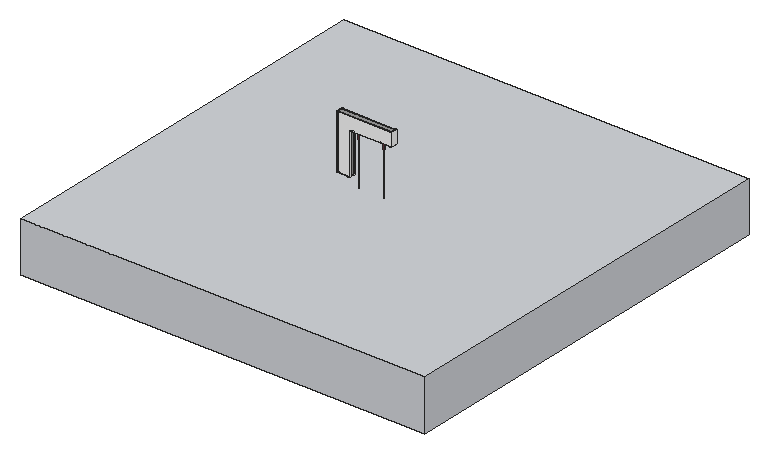
Revit family "LAMP_FIL 35 CORNER OPAL SURFACE VCE", category Luminarias, Revit 2018
Family settings
  Anfitrión = Cara
  Cota de conector redondo = Diámetro de uso
  Tipo de pieza = Normal
  Corte con vacíos al cargar = No
  Origen de luz = Sí
  Compartido = No
  Punto de cálculo de habitación = No
Parameters (values of type "577LM 3000K  BLACK")
  Ángulo de inclinación = -90.00°
  Weight = 1.58 kg
  Wattage = 2.93 W
  Type = "MID POWER TRIDONIC"
  built-in parameter 1150107 = 3000 (stored number, unit not read)
  Second light = LAMP_FIL 35 CORNER OPAL SURFACE HC_SECOND : 3000K
  NOT COVER 2 [instance] = not(END COVER 2)  # no
  NOT COVER 1 [instance] = not(END COVER 1)  # no
  END COVER 2 [instance] = yes
  END COVER 1 [instance] = yes
  Suspension distance [instance] = if(Suspension > 4000 mm, 4000 mm, if(Suspension < 1 mm, 1 mm, Suspension))  # 300 mm
  Suspension [instance] = 300 mm
  built-in parameter 1150110 = 1 (stored number, unit not read)
  built-in parameter 1150109 = 1 (stored number, unit not read)
  built-in parameter 1150112 = 1 (stored number, unit not read)
  built-in parameter 1150113 = 1 (stored number, unit not read)
  built-in parameter 1114218 = 1 (stored number, unit not read)
  Protection rating = "IP20 / IK07"
  Product datasheet = "http://www.lamp.es/product-files/TECH/F31SFVCELOOP830NB-EN.pdf"
  Product code = "F31SFVCELOOP830NB"
  Product URL = "https://www.lamp.es/en/family/fil-35_413911"
  Power Supply = "220-240V 50/60Hz"
  Power = 5 W
  Plum = 6.1 W
  Photobiological risk = ""
  built-in parameter 1150137 = (empty or 0)
  built-in parameter 1150132 = 2
  Modelo = Product code  # "F31SFVCELOOP830NB"
  Model Explanation = ""
  Material suspension = LAMP_Acero genérico
  Material perfil = LAMP_Aluminio Perfil Fil NG
  Material difusor = LAMP_PC Difusor Opal Fil
  Manufacturer name = "LAMP"
  Manufacturer country = "Spain"
  Manufacturer URL = "http://www.lamp.es/en"
  MacAdam = "3"
  Last update = "04/06/2021"
  Lamp = "MID-POWER LED"
  LED Lifetime = "60.000 L80 B10"
  built-in parameter 1150105 = 119.95 (stored number, unit not read)
  built-in parameter 1150102 = (empty or 0)
  Insulation class = "I"
  Installation instructions = "https://www.lamp.es/product-files/INS/1004590-A%20INSTR.%20FIL35.pdf"
  built-in parameter 1150106 = 1.1995 (stored number, unit not read)
  IEE = "A+"
  Gear = "Electronic"
  Lumens = 303.548 lm
  Finish = "Matte black RAL 9011"
  Color Filter = 16777215
  built-in parameter 1114217 = 1 (stored number, unit not read)
  built-in parameter 1150139 = (empty or 0)
  Fabricante = Manufacturer name  # "LAMP"
  Default Elevation = 1219.2 mm
  built-in parameter 1150104 = 9.6248 (stored number, unit not read)
  Efficacy = 94.6 lm/W
  Dimensions = "305x305x35"
  Descripción = "FIL35 VERT. EX. CORNER SUR 800 WW OPAL B"
  built-in parameter 1150115 = 1 (stored number, unit not read)
  built-in parameter 1150114 = 1 (stored number, unit not read)
  built-in parameter 1150138 = (empty or 0)
  built-in parameter 1150134 = 3
  Dimming Lamp Color Temperature Shift = (empty or 0)
  CRI = "80"
  Archivo de red fotométrica = "F31SF084LOOP830NB.IES"
  built-in parameter 1150133 = 10 (stored number, unit not read)
Types (12, lengths in mm): name | Weight | built-in parameter 1150107 | Second light | Suspension distance | Suspension | Product datasheet | Product code | Modelo | Material perfil | Finish | Descripción | Archivo de red fotométrica
  577LM 3000K DALI BLACK | 1.54 kg | 3000 (stored number, unit not read) | LAMP_FIL 35 CORNER OPAL SURFACE HC_SECOND : 3000K | 700 | 700 | "http://www.lamp.es/product-files/TECH/F31SFVCELOOP830DB-EN.pdf" | "F31SFVCELOOP830DB" | "F31SFVCELOOP830DB" | LAMP_Aluminio Perfil Fil NG | "Matte black RAL 9011" | "FIL35 VERT EX CORNER SUR 800 WW OP DA BK" | "F31SF084LOOP830NB.IES"
  577LM 3000K DALI GREY | 1.54 kg | 3000 (stored number, unit not read) | LAMP_FIL 35 CORNER OPAL SURFACE HC_SECOND : 3000K | 700 | 700 | "http://www.lamp.es/product-files/TECH/F31SFVCELOOP830DG-EN.pdf" | "F31SFVCELOOP830DG" | "F31SFVCELOOP830DG" | LAMP_Aluminio Perfil Fil GR | "Gloss grey" | "FIL35 VERT EX CORNER SUR 800 WW OP DA GR" | "F31SF084LOOP830NB.IES"
  577LM 3000K DALI WHITE | 1.54 kg | 3000 (stored number, unit not read) | LAMP_FIL 35 CORNER OPAL SURFACE HC_SECOND : 3000K | 700 | 700 | "http://www.lamp.es/product-files/TECH/F31SFVCELOOP830DW-EN.pdf" | "F31SFVCELOOP830DW" | "F31SFVCELOOP830DW" | LAMP_Aluminio Perfil Fil BL | "Matte white RAL 9010" | "FIL35 VERT EX CORNER SUR 800 WW OP DA WH" | "F31SF084LOOP830NB.IES"
  577LM 3000K  BLACK | 1.58 kg | 3000 (stored number, unit not read) | LAMP_FIL 35 CORNER OPAL SURFACE HC_SECOND : 3000K | 300 | 300 | "http://www.lamp.es/product-files/TECH/F31SFVCELOOP830NB-EN.pdf" | "F31SFVCELOOP830NB" | "F31SFVCELOOP830NB" | LAMP_Aluminio Perfil Fil NG | "Matte black RAL 9011" | "FIL35 VERT. EX. CORNER SUR 800 WW OPAL B" | "F31SF084LOOP830NB.IES"
  577LM 3000K  GREY | 1.58 kg | 3000 (stored number, unit not read) | LAMP_FIL 35 CORNER OPAL SURFACE HC_SECOND : 3000K | 700 | 700 | "http://www.lamp.es/product-files/TECH/F31SFVCELOOP830NG-EN.pdf" | "F31SFVCELOOP830NG" | "F31SFVCELOOP830NG" | LAMP_Aluminio Perfil Fil GR | "Gloss grey" | "FIL35 VERT. EX. CORNER SUR 800 WW OPAL G" | "F31SF084LOOP830NB.IES"
  577LM 3000K  WHITE | 1.58 kg | 3000 (stored number, unit not read) | LAMP_FIL 35 CORNER OPAL SURFACE HC_SECOND : 3000K | 700 | 700 | "http://www.lamp.es/product-files/TECH/F31SFVCELOOP830NW-EN.pdf" | "F31SFVCELOOP830NW" | "F31SFVCELOOP830NW" | LAMP_Aluminio Perfil Fil BL | "Matte white RAL 9010" | "FIL35 VERT. EX. CORNER SUR 800 WW OPAL W" | "F31SF084LOOP830NB.IES"
  577LM 4000K DALI BLACK | 1.54 kg | 4000 (stored number, unit not read) | LAMP_FIL 35 CORNER OPAL SURFACE HC_SECOND : 4000K | 700 | 700 | "http://www.lamp.es/product-files/TECH/F31SFVCELOOP840DB-EN.pdf" | "F31SFVCELOOP840DB" | "F31SFVCELOOP840DB" | LAMP_Aluminio Perfil Fil NG | "Matte black RAL 9011" | "FIL35 VERT EX CORNER SUR 800 NW OP DA BK" | "F31SF084LOOP840NB.IES"
  577LM 4000K DALI GREY | 1.54 kg | 4000 (stored number, unit not read) | LAMP_FIL 35 CORNER OPAL SURFACE HC_SECOND : 4000K | 700 | 700 | "http://www.lamp.es/product-files/TECH/F31SFVCELOOP840DG-EN.pdf" | "F31SFVCELOOP840DG" | "F31SFVCELOOP840DG" | LAMP_Aluminio Perfil Fil GR | "Gloss grey" | "FIL35 VERT EX CORNER SUR 800 NW OP DA GR" | "F31SF084LOOP840NB.IES"
  577LM 4000K DALI WHITE | 1.54 kg | 4000 (stored number, unit not read) | LAMP_FIL 35 CORNER OPAL SURFACE HC_SECOND : 4000K | 700 | 700 | "http://www.lamp.es/product-files/TECH/F31SFVCELOOP840DW-EN.pdf" | "F31SFVCELOOP840DW" | "F31SFVCELOOP840DW" | LAMP_Aluminio Perfil Fil BL | "Matte white RAL 9010" | "FIL35 VERT EX CORNER SUR 800 NW OP DA WH" | "F31SF084LOOP840NB.IES"
  577LM 4000K  BLACK | 1.58 kg | 4000 (stored number, unit not read) | LAMP_FIL 35 CORNER OPAL SURFACE HC_SECOND : 4000K | 700 | 700 | "http://www.lamp.es/product-files/TECH/F31SFVCELOOP840NB-EN.pdf" | "F31SFVCELOOP840NB" | "F31SFVCELOOP840NB" | LAMP_Aluminio Perfil Fil NG | "Matte black RAL 9011" | "FIL35 VERT. EX. CORNER SUR 800 NW OPAL B" | "F31SF084LOOP840NB.IES"
  577LM 4000K  GREY | 1.58 kg | 4000 (stored number, unit not read) | LAMP_FIL 35 CORNER OPAL SURFACE HC_SECOND : 4000K | 700 | 700 | "http://www.lamp.es/product-files/TECH/F31SFVCELOOP840NG-EN.pdf" | "F31SFVCELOOP840NG" | "F31SFVCELOOP840NG" | LAMP_Aluminio Perfil Fil GR | "Gloss grey" | "FIL35 VERT. EX. CORNER SUR 800 NW OPAL G" | "F31SF084LOOP840NB.IES"
  577LM 4000K  WHITE | 1.58 kg | 4000 (stored number, unit not read) | LAMP_FIL 35 CORNER OPAL SURFACE HC_SECOND : 4000K | 700 | 700 | "http://www.lamp.es/product-files/TECH/F31SFVCELOOP840NW-EN.pdf" | "F31SFVCELOOP840NW" | "F31SFVCELOOP840NW" | LAMP_Aluminio Perfil Fil BL | "Matte white RAL 9010" | "FIL35 VERT. EX. CORNER SUR 800 NW OPAL W" | "F31SF084LOOP840NB.IES"
Reference planes
  plane 1 "Centro (Frontal/Posterior)": y = 0
  plane 2: z = 0
  plane 3 "Centro (Izquierda/Derecha)": x = 0
  plane 4: z = 860.38
Forms (mm)
  Extrusion 1, solid
    sketch origin (0, 0, 0) x (1, 0, 0) y (0, 1, 0)
      loop
        line (-1219.2, 1219.2) -> (-1219.2, -1219.2) -> (1219.2, -1219.2) -> (1219.2, 1219.2) -> (-1219.2, 1219.2)
    from 0 to -304.8
  Extrusion 2, solid, material "LAMP_Acero genérico" <- "Material suspension"
    sketch origin (-540.625, 0, 0) x (0, -1, 0) y (0, 0, 1)
      loop
        line (-12.5, 301) -> (-15.291, 308.272) -> (-13.251, 309.7) -> (-14.251, 309.7) -> (-16.291, 308.272) -> (-13.116, 300) -> (0, 300) -> (13.116, 300) -> (16.291, 308.272) -> (14.251, 309.7) -> (13.251, 309.7) -> (15.291, 308.272) -> (12.5, 301) -> (0, 301) -> (-12.5, 301)
    from -400 to -378
  Extrusion 3, solid, material "LAMP_Acero genérico" <- "Material suspension"
    sketch origin (0, 365, 0) x (1, 0, 0) y (0, 1, 0)
      loop
        circle (0, -365) r 5
    from 263.2 to 300
  Extrusion 4, solid, material "LAMP_Acero genérico" <- "Material suspension"
    sketch origin (-151.625, -365, 0) x (1, 0, 0) y (0, 1, 0)
      loop
        circle (0, 365) r 5
    from 263.2 to 300
  Extrusion 5, solid, material "LAMP_Acero genérico" <- "Material suspension"
    sketch origin (0, 389, 0) x (1, 0, 0) y (0, 1, 0)
      loop
        circle (0, -389) r 1
    from 0 to 263.2
  Extrusion 6, solid, material "LAMP_Acero genérico" <- "Material suspension"
    sketch origin (-151.625, -389, 0) x (1, 0, 0) y (0, 1, 0)
      loop
        circle (0, 389) r 1
    from 0 to 263.2
  Extrusion 7, solid, material "LAMP_Acero genérico" <- "Material suspension"
    sketch origin (389, 0, 0) x (0, -1, 0) y (0, 0, -1)
      loop
        line (-12.5, -301) -> (0, -301) -> (12.5, -301) -> (15.291, -308.272) -> (13.251, -309.7) -> (14.251, -309.7) -> (16.291, -308.272) -> (13.116, -300) -> (0, -300) -> (-13.116, -300) -> (-16.291, -308.272) -> (-14.251, -309.7) -> (-13.251, -309.7) -> (-15.291, -308.272) -> (-12.5, -301)
    from -400 to -378
  Sweep 8, solid, material "LAMP_PC Difusor Opal Fil" <- "Material difusor"
    path origin (-188.753, 0, 159.654) x (1, 0, 0) y (0, 0, 1)
      loop
        line (245.731, 147.846) -> (-3.369, 147.846) -> (-3.369, -101.054)
    profile origin (-67.573, 0, 307.5) x (0, 0, -1) y (0, -1, 0)
      loop
        line (-7, -11) -> (1, -11) -> (1, -7.529) -> (1, 11) -> (-7, 11) -> (-7, 10) -> (0, 10) -> (0, -10) -> (-7, -10) -> (-7, -11)
  Sweep 9, solid, material "LAMP_Aluminio Perfil Fil NG" <- "Material perfil"
    path origin (440, 0, -273.478) x (1, 0, 0) y (0, 0, 1)
      loop
        line (-383.023, 619.578) -> (-670.523, 619.578) -> (-670.523, 332.078)
    profile origin (-86.773, 0, 346.1) x (0, 0, -1) y (0, -1, 0)
      loop
        arc (-39.6, 17.75) -> (-40.6, 16.75) -> (-39.6, 15.75) r 1
        line (-39.6, 15.75) -> (-38.1, 15.75) -> (-38.1, 13.95) -> (-12.9, 13.95) -> (-12.9, 0) -> (-12.9, -13.95) -> (-38.1, -13.95) -> (-38.1, -15.75) -> (-39.6, -15.75)
        arc (-39.6, -15.75) -> (-40.6, -16.75) -> (-39.6, -17.75) r 1
        line (-39.6, -17.75) -> (39.6, -17.75) -> (39.6, -16.75) -> (36.4, -16.75) -> (36.4, -12.5) -> (38.4, -12.5) -> (38.4, -14.8) -> (39.6, -13.6) -> (39.6, -11) -> (31.6, -11) -> (31.6, 0) -> (31.6, 11) -> (39.6, 11) -> (39.6, 13.6) -> (38.4, 14.8) -> (38.4, 12.5) -> (36.4, 12.5) -> (36.4, 16.75) -> (39.6, 16.75) -> (39.6, 17.75) -> (-39.6, 17.75)
  Sweep 10, solid, material "LAMP_PC Difusor Opal Fil" <- "Material difusor"
    path origin (-0.252, 13.95, 820.904) x (-1, 0, 0) y (0, 0, -1)
      loop
        line (-57.23, 436.704) -> (268.37, 436.704) -> (268.37, 762.304)
    profile origin (-105.823, 13.95, 384.2) x (0, 0, -1) y (0, -1, 0)
      loop
        line (-2.5, 29.7) -> (-2.5, -1.8) -> (0, -1.8) -> (0, 29.7) -> (-2.5, 29.7)
Lines and regions (mm)
  reference lines
    curve 1: line (0, -445.47, 300) -> (0, 544.53, 300)
Text (mm)
  text "Any modification of the parameters and properties of the LAMP BIM models must be executed and validated by the LAMP technical department.\nPhone: +34 93 736 68 00\nE-mail: lamp@lamp.es\n\nLAMP reserves the right to modify the technical specifications of its products." at (3279.264, 5298.162, -2684.539), in view "Preview"
Dimensions and locks
  "Suspension distance": level to curve 1
  locked: Extrusion 3 to Extrusion 3 at 36.8
  locked: Extrusion 4 to Extrusion 4 at 36.8
  locked: nested 1 to Sweep 9 at 123.95
  aligned and locked: plane 2 to Extrusion 1
  aligned and locked: level to Extrusion 1
  aligned and locked: curve 1 to Extrusion 7
  aligned and locked: curve 1 to Extrusion 2
  aligned and locked: Extrusion 3 to curve 1
  aligned and locked: Extrusion 4 to curve 1
  aligned and locked: Extrusion 5 to Extrusion 3
  aligned and locked: Extrusion 6 to Extrusion 4
  aligned and locked: Sweep 9 to Extrusion 7
  aligned and locked: Sweep 8 to Sweep 9
  aligned and locked: Sweep 9 to nested 2
  aligned and locked: nested 3 to Sweep 9
  aligned and locked: imposter light to Sweep 9
Automatic sketch dimensions
  Extrusion 1 sketch curve to Extrusion 1 sketch curve = 2438.4 mm  (x2)
  Extrusion 2 sketch curve to plane 1 "Centro (Frontal/Posterior)" = 0 mm  (x2)
  Extrusion 2 sketch curve to Extrusion 2 sketch curve = 12.5 mm
  Extrusion 2 sketch curve to Extrusion 2 sketch curve = 0.616 mm  (x2)
  Extrusion 2 sketch curve to Extrusion 2 sketch curve = 0.751 mm  (x2)
  Extrusion 2 sketch curve to Extrusion 2 sketch curve = 1 mm  (x5)
  Extrusion 2 sketch curve to Extrusion 2 sketch curve = 1.04 mm  (x2)
  plane 1 "Centro (Frontal/Posterior)" to Extrusion 2 sketch curve = 12.5 mm
  level to Extrusion 2 sketch curve = 300 mm
  Extrusion 2 sketch curve to Extrusion 2 sketch curve = 7.272 mm  (x2)
  Extrusion 2 sketch curve to Extrusion 2 sketch curve = 0 mm  (x2)
  Extrusion 2 sketch curve to Extrusion 2 sketch curve = 1.428 mm  (x2)
  plane 1 "Centro (Frontal/Posterior)" to Extrusion 3 sketch curve = 0 mm
  Extrusion 3 sketch curve to plane 3 "Centro (Izquierda/Derecha)" = 0 mm
  plane 1 "Centro (Frontal/Posterior)" to Extrusion 4 sketch curve = 0 mm
  plane 3 "Centro (Izquierda/Derecha)" to Extrusion 4 sketch curve = 151.625 mm
  plane 1 "Centro (Frontal/Posterior)" to Extrusion 5 sketch curve = 0 mm
  Extrusion 5 sketch curve to plane 3 "Centro (Izquierda/Derecha)" = 0 mm
  plane 1 "Centro (Frontal/Posterior)" to Extrusion 6 sketch curve = 0 mm
  plane 3 "Centro (Izquierda/Derecha)" to Extrusion 6 sketch curve = 151.625 mm
  Extrusion 7 sketch curve to plane 1 "Centro (Frontal/Posterior)" = 0 mm  (x2)
  Extrusion 7 sketch curve to plane 1 "Centro (Frontal/Posterior)" = 12.5 mm
  Extrusion 7 sketch curve to Extrusion 7 sketch curve = 0.616 mm  (x2)
  Extrusion 7 sketch curve to Extrusion 7 sketch curve = 0.751 mm  (x2)
  Extrusion 7 sketch curve to Extrusion 7 sketch curve = 1 mm  (x5)
  Extrusion 7 sketch curve to Extrusion 7 sketch curve = 1.04 mm  (x2)
  Extrusion 7 sketch curve to Extrusion 7 sketch curve = 12.5 mm
  level to Extrusion 7 sketch curve = 309.7 mm
  Extrusion 7 sketch curve to Extrusion 7 sketch curve = 0 mm  (x3)
  Extrusion 7 sketch curve to Extrusion 7 sketch curve = 1.428 mm  (x2)
  Extrusion 7 sketch curve to Extrusion 7 sketch curve = 7.272 mm
  Sweep 9 sketch curve to plane 4 = 514.28 mm
  Sweep 9 sketch curve to plane 3 "Centro (Izquierda/Derecha)" = 230.523 mm
  Sweep 9 sketch curve to Sweep 9 sketch curve = 287.5 mm  (x2)
  profile plane to Sweep 9 sketch curve = 39.6 mm
  Sweep 9 sketch curve to Sweep 9 sketch curve = 0 mm
  Sweep 9 sketch curve to Sweep 9 sketch curve = 1.5 mm  (x4)
  profile plane to Sweep 9 sketch curve = 12.9 mm
  Sweep 9 sketch curve to profile plane = 31.6 mm
  Sweep 9 sketch curve to Sweep 9 sketch curve = 4.8 mm  (x2)
  Sweep 9 sketch curve to Sweep 9 sketch curve = 2 mm  (x2)
  Sweep 9 sketch curve to Sweep 9 sketch curve = 1.2 mm  (x6)
  Sweep 9 sketch curve to plane 1 "Centro (Frontal/Posterior)" = 17.75 mm
  Sweep 9 sketch curve to Sweep 9 sketch curve = 1 mm  (x3)
  Sweep 9 sketch curve to Sweep 9 sketch curve = 1.95 mm  (x2)
  Sweep 9 sketch curve to Sweep 9 sketch curve = 1.8 mm  (x2)
  Sweep 9 sketch curve to Sweep 9 sketch curve = 1.1 mm  (x2)
  Sweep 9 sketch curve to Sweep 9 sketch curve = 13.95 mm  (x2)
  Sweep 9 sketch curve to Sweep 9 sketch curve = 11 mm  (x2)
  profile plane to Sweep 8 sketch curve = 7 mm  (x2)
  Sweep 8 sketch curve to profile plane = 0 mm
  Sweep 8 sketch curve to Sweep 8 sketch curve = 1 mm  (x3)
  Sweep 8 sketch curve to plane 1 "Centro (Frontal/Posterior)" = 11 mm
  Sweep 8 sketch curve to Sweep 8 sketch curve = 2.471 mm
  Sweep 8 sketch curve to Sweep 8 sketch curve = 17.529 mm
  Sweep 8 sketch curve to plane 3 "Centro (Izquierda/Derecha)" = 192.123 mm
  Sweep 8 sketch curve to plane 4 = 552.88 mm
  plane 3 "Centro (Izquierda/Derecha)" to Sweep 8 sketch curve = 56.977 mm
  Sweep 8 sketch curve to Sweep 8 sketch curve = 248.9 mm
  Sweep 10 sketch curve to profile plane = 0 mm
  Sweep 10 sketch curve to Sweep 10 sketch curve = 2.5 mm
  plane 1 "Centro (Frontal/Posterior)" to Sweep 10 sketch curve = 15.75 mm
  Sweep 10 sketch curve to plane 1 "Centro (Frontal/Posterior)" = 15.75 mm
  Sweep 10 sketch curve to Sweep 9 = 25.2 mm
  Sweep 10 sketch curve to Sweep 9 = 325.6 mm
  Sweep 10 sketch curve to Sweep 9 = 0 mm
  Sweep 10 sketch curve to Sweep 10 sketch curve = 325.6 mm
  plane 1 "Centro (Frontal/Posterior)" to curve 1 = 445.47 mm
  curve 1 to plane 1 "Centro (Frontal/Posterior)" = 544.53 mm
  radius of Extrusion 3 sketch curve = 5 mm
  radius of Extrusion 4 sketch curve = 5 mm
  radius of Extrusion 5 sketch curve = 1 mm
  radius of Extrusion 6 sketch curve = 1 mm
Nested families
  nested 1: "LAMP_FIL 35 CORNER OPAL SURFACE HC_SECOND" at (-190.923, -0.014, -1317.45), type "3000K"
  nested 2: "LAMP_FIL 35 END COVER SURFACE" at (58.377, 0.05, 306.5) x (0, 1, 0) z (0, 0, 1), visible <- "END COVER 2", type "Blanco"
  nested 3: "LAMP_FIL 35 END COVER SURFACE_90" at (-231.173, 0.05, 16.95) x (0, 1, 0) z (0, 0, 1), visible <- "END COVER 1", type "Blanco"
Connectors
  electrical at (-151.625, 0, 300)
    settings: on Extrusion 4, index 1, voltage 230 V, apparent load 0 VA, apparent load phase1 0 VA, apparent load phase2 0 VA, apparent load phase3 0 VA, power factor 1, load classification "Otro", number of poles 1, system type 31, power factor state 1, is connector primary yes, connector utility no, sub classification motor no, connector description ""
Definition of nested family "LAMP_FIL 35 END COVER SURFACE"
  Parameters (values of type "Blanco")
    Material tapa = none
  Reference planes
    plane 1 "Centro (Frontal/Posterior)": y = 0
    plane 2: z = 0
    plane 3 "Centro (Izquierda/Derecha)": x = 0
  Forms (mm)
    Extrusion 1, solid, material <- "Material tapa"
      sketch origin (0, 0, 0) x (0, -1, 0) y (0, 0, 1)
        loop
          line (0, 0) -> (1.4, 0) -> (1.4, 80.5) -> (-1.4, 80.5) -> (-1.4, 0) -> (0, 0)
      from -17.8 to 17.8
  Dimensions and locks
    aligned and locked: level to plane 2
Definition of nested family "LAMP_FIL 35 END COVER SURFACE_90"
  Parameters (values of type "Blanco")
    Material tapa = none
  Reference planes
    plane 1 "Centro (Frontal/Posterior)": y = 0
    plane 2: z = 0
    plane 3 "Centro (Izquierda/Derecha)": x = 0
  Forms (mm)
    Extrusion 1, solid, material <- "Material tapa"
      sketch origin (0, 40.25, 40.25) x (0, 0, -1) y (0, -1, 0)
        loop
          line (0, 0) -> (1.4, 0) -> (1.4, 80.5) -> (-1.4, 80.5) -> (-1.4, 0) -> (0, 0)
      from -17.8 to 17.8
  Dimensions and locks
    aligned and locked: level to plane 2
Definition of nested family "LAMP_FIL 35 CORNER OPAL SURFACE HC_SECOND"
  Parameters (values of type "3000K")
    Tilt Angle = -90.00°
    Wattage = 2.93 W
    built-in parameter 1150110 = 1 (stored number, unit not read)
    built-in parameter 1114217 = 1 (stored number, unit not read)
    built-in parameter 1150109 = 1 (stored number, unit not read)
    built-in parameter 1150134 = (empty or 0)
    built-in parameter 1150113 = 1 (stored number, unit not read)
    Lumens = 303.665 lm
    built-in parameter 1150115 = 1 (stored number, unit not read)
    built-in parameter 1150105 = 24.165 (stored number, unit not read)
    built-in parameter 1150137 = (empty or 0)
    built-in parameter 1150139 = (empty or 0)
    built-in parameter 1150112 = 1 (stored number, unit not read)
    built-in parameter 1150114 = 1 (stored number, unit not read)
    built-in parameter 1150132 = 2
    built-in parameter 1150102 = (empty or 0)
    built-in parameter 1150138 = (empty or 0)
    built-in parameter 1150107 = 3000 (stored number, unit not read)
    built-in parameter 1150106 = 0.24165 (stored number, unit not read)
    built-in parameter 1150104 = 9.6285 (stored number, unit not read)
    Dimming Lamp Color Temperature Shift = (empty or 0)
    Color Filter = 16777215
    built-in parameter 1114218 = 1 (stored number, unit not read)
    Photometric Web File = "F31SF084LOOP830NB.IES"
    built-in parameter 1150133 = 10 (stored number, unit not read)
  Types (3, lengths in mm): name | built-in parameter 1150105 | built-in parameter 1150106 | Photometric Web File
    (no name) | 24.165 (stored number, unit not read) | 0.24165 (stored number, unit not read) | "F31SF084LOOP830NB.IES"
    3000K | 24.165 (stored number, unit not read) | 0.24165 (stored number, unit not read) | "F31SF084LOOP830NB.IES"
    4000K | 119.99 (stored number, unit not read) | 1.1999 (stored number, unit not read) | "F31SF084LOOP840NB.IES"
  Reference planes
    plane 1 "Eje de origen de luz (F/P)": y = 0
    plane 2: z = 0
    plane 3 "Eje de origen de luz (I/D)": x = 0
    plane 4 "Elevación de origen de luz": z = 1500
  Dimensions and locks
    aligned and locked: plane 3 "Eje de origen de luz (I/D)" to imposter light
    aligned and locked: plane 1 "Eje de origen de luz (F/P)" to imposter light
    aligned and locked: plane 4 "Elevación de origen de luz" to imposter light
    aligned and locked: level to plane 2
